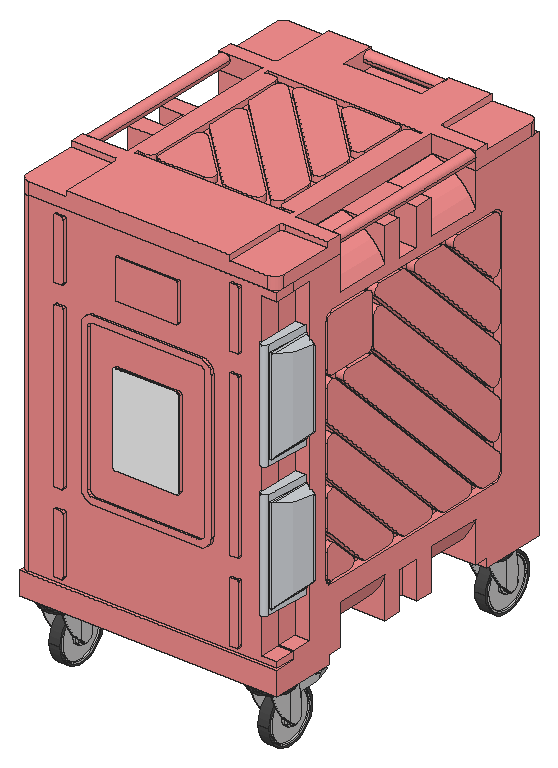
Revit family "QF_BOURGEAT_Conteneurs_Isothermes_Modèles_multi_standards_à_ouverture_Frontale", category Equipement spécialisé, Revit 2015 (continued)
Definition of nested family "ROULETTE"
  Forms (mm)
    Revolve 16, solid, not visible
      sketch origin (0, 0, 0) x (0, 1, 0) y (0, 0, 1)
        axis (0, 135.833) -> (0, 117.818)
      angle from 0 to 360
    Extrusion 17, solid, not visible
      sketch origin (0, 0, 0) x (0, 1, 0) y (0, 0, -1)
        loop
          line (-24.854, -115.199) -> (-24.854, -117.818) -> (18.247, -117.818) -> (18.247, -50.28) -> (15.456, -52.631) -> (0, -68.439)
          arc (0, -68.439) -> (-14.771, -90.573) -> (-24.854, -115.199) r 133.414
      from -24.913 to -23.038
    Extrusion 18, solid, not visible
      sketch origin (0, 0, 0) x (0, 1, 0) y (0, 0, 1)
        loop
          line (-24.854, 117.818) -> (-24.854, 116.875) -> (18.247, 116.875) -> (18.247, 117.818) -> (-24.854, 117.818)
      from -23.038 to 23.038
    Extrusion 19, solid, not visible
      sketch origin (0, 0, 0) x (0, 1, 0) y (0, 0, 1)
        loop
          circle (34.167, 52.083) r 47.917
        loop
          circle (34.167, 52.083) r 45.833
      from -12.5 to 12.5
    Extrusion 20, solid, not visible
      sketch origin (0, 0, 0) x (0, 1, 0) y (0, 0, 1)
        loop
          circle (34.167, 52.083) r 45.833
        loop
          circle (34.167, 52.083) r 17.5
      from -7 to 7
    Extrusion 21, solid, not visible
      sketch origin (0, 0, 0) x (0, 1, 0) y (0, 0, 1)
        loop
          circle (34.167, 52.083) r 17.5
      from -15 to 15
    Extrusion 22, solid, not visible
      sketch origin (0, 0, 0) x (0, 1, 0) y (0, 0, 1)
        loop
          circle (34.167, 52.083) r 12.5
      from -23.038 to -15
    Extrusion 23, solid, not visible
      sketch origin (0, 0, 0) x (0, 1, 0) y (0, 0, -1)
        loop
          circle (34.167, -52.083) r 12.5
      from -23.038 to -15
    Extrusion 24, solid, not visible
      sketch origin (0, 0, 0) x (0, 1, 0) y (0, 0, 1)
        loop
          arc (-24.854, 115.199) -> (-14.771, 90.573) -> (0, 68.439) r 133.414
          line (0, 68.439) -> (15.456, 52.631) -> (18.247, 50.28) -> (18.247, 117.818) -> (-24.854, 117.818) -> (-24.854, 115.199)
      from -24.913 to -23.038
    Extrusion 25, solid, visible <- "Sans frein", not visible
      sketch origin (0, 0, 0) x (0, 1, 0) y (0, 0, 1)
        loop
          arc (18.247, 50.28) -> (19.439, 49.316) -> (20.641, 48.365) r 133.34
          arc (20.641, 48.365) -> (24.325, 45.588) -> (28.103, 42.939) r 133.333
          arc (28.103, 42.939) -> (38.57, 42.018) -> (44.895, 50.409) r 10.833
          arc (44.895, 50.409) -> (45.499, 82.529) -> (38.403, 113.861) r 133.333
          arc (38.403, 113.861) -> (38.039, 115.243) -> (37.917, 116.667) r 8.333
          line (37.917, 116.667) -> (37.917, 117.818) -> (18.247, 117.818) -> (18.247, 50.28)
      from 23.038 to 24.913
    Extrusion 26, solid, visible <- "Sans frein", not visible
      sketch origin (0, 0, 0) x (0, 1, 0) y (0, 0, -1)
        loop
          line (18.247, -50.28) -> (18.247, -117.818) -> (37.917, -117.818) -> (37.917, -116.667)
          arc (37.917, -116.667) -> (38.039, -115.243) -> (38.403, -113.861) r 8.333
          arc (38.403, -113.861) -> (45.499, -82.529) -> (44.895, -50.409) r 133.333
          arc (44.895, -50.409) -> (38.57, -42.018) -> (28.103, -42.939) r 10.833
          arc (28.103, -42.939) -> (24.325, -45.588) -> (20.641, -48.365) r 133.333
          arc (20.641, -48.365) -> (19.439, -49.316) -> (18.247, -50.28) r 133.34
      from 23.038 to 24.913
    Extrusion 27, solid, visible <- "Sans frein", not visible
      sketch origin (0, 0, 0) x (0, 1, 0) y (0, 0, 1)
        loop
          line (18.247, 117.818) -> (18.247, 116.875) -> (37.917, 116.875) -> (37.917, 117.818) -> (18.247, 117.818)
      from -23.038 to 23.038
    Extrusion 28, solid, visible <- "Avec frein", not visible
      sketch origin (0, 0, 0) x (0, 1, 0) y (0, 0, 1)
        loop
          arc (18.247, 50.28) -> (19.439, 49.316) -> (20.641, 48.365) r 133.34
          arc (20.641, 48.365) -> (24.325, 45.588) -> (28.103, 42.939) r 133.333
          arc (28.103, 42.939) -> (38.57, 42.018) -> (44.895, 50.409) r 10.833
          arc (44.895, 50.409) -> (46.191, 68.96) -> (44.895, 87.51) r 133.333
          arc (44.895, 87.51) -> (46.675, 90.916) -> (50.346, 92.053) r 5
          arc (50.346, 92.053) -> (67.188, 91.603) -> (83.937, 93.422) r 125
          arc (83.937, 93.422) -> (87.006, 94.505) -> (89.566, 96.516) r 10
          line (89.566, 96.516) -> (92.375, 101.269) -> (92.894, 102.146)
          arc (92.894, 102.146) -> (72.773, 111.524) -> (51.484, 117.818) r 149.407
          line (51.484, 117.818) -> (18.247, 117.818) -> (18.247, 50.28)
      from 23.038 to 24.913
    Extrusion 29, solid, visible <- "Avec frein", not visible
      sketch origin (0, 0, 0) x (0, 1, 0) y (0, 0, 1)
        loop
          line (18.247, 117.818) -> (18.247, 116.918) -> (51.387, 116.918)
          arc (51.387, 116.918) -> (72.489, 110.669) -> (92.436, 101.371) r 148.507
          line (92.436, 101.371) -> (92.894, 102.146)
          arc (92.894, 102.146) -> (72.773, 111.524) -> (51.484, 117.818) r 149.407
          line (51.484, 117.818) -> (18.247, 117.818)
      from -23.038 to 23.038
    Extrusion 30, solid, visible <- "Avec frein", not visible
      sketch origin (0, 0, 0) x (0, 1, 0) y (0, 0, -1)
        loop
          line (18.247, -50.28) -> (18.247, -117.818) -> (51.484, -117.818)
          arc (51.484, -117.818) -> (72.773, -111.524) -> (92.894, -102.146) r 149.407
          line (92.894, -102.146) -> (92.375, -101.269) -> (89.566, -96.516)
          arc (89.566, -96.516) -> (87.006, -94.505) -> (83.937, -93.422) r 10
          arc (83.937, -93.422) -> (67.188, -91.603) -> (50.346, -92.053) r 125
          arc (50.346, -92.053) -> (46.675, -90.916) -> (44.895, -87.51) r 5
          arc (44.895, -87.51) -> (46.191, -68.96) -> (44.895, -50.409) r 133.333
          arc (44.895, -50.409) -> (38.57, -42.018) -> (28.103, -42.939) r 10.833
          arc (28.103, -42.939) -> (24.325, -45.588) -> (20.641, -48.365) r 133.333
          arc (20.641, -48.365) -> (19.439, -49.316) -> (18.247, -50.28) r 133.34
      from 23.038 to 24.913
    Extrusion 31, solid, visible <- "Avec frein", not visible
      sketch origin (0, 0, 0) x (0, 1, 0) y (0, 0, 1)
        loop
          line (92.988, 99.875) -> (89.934, 101.621) -> (87.583, 97.644) -> (93.104, 94.501)
          arc (93.104, 94.501) -> (94.747, 94.317) -> (96.006, 95.387) r 2.083
          arc (96.006, 95.387) -> (102.826, 98.48) -> (109.226, 102.367) r 62.499
          line (109.226, 102.367) -> (108.956, 103.42)
          arc (108.956, 103.42) -> (108.28, 104.384) -> (107.135, 104.66) r 1.667
          arc (107.135, 104.66) -> (101.536, 103.565) -> (96.139, 101.716) r 41.633
          arc (96.139, 101.716) -> (95.681, 101.427) -> (95.34, 101.007) r 1.667
          line (95.34, 101.007) -> (94.162, 98.947) -> (92.988, 99.875)
      from -23.038 to 23.038
    Extrusion 32, solid, not visible
      sketch origin (0, 0, 0) x (0, 1, 0) y (0, 0, -1)
        loop
          line (-29.974, -138.241) -> (-29.974, -142) -> (21.747, -142) -> (21.747, -60.336)
          arc (21.747, -60.336) -> (10.272, -70.702) -> (-0.149, -82.127) r 160.057
          arc (-0.149, -82.127) -> (-17.883, -108.684) -> (-29.974, -138.241) r 159.585
      from -24.913 to -23.038
    Extrusion 33, solid, not visible
      sketch origin (0, 0, 0) x (0, 1, 0) y (0, 0, 1)
        loop
          circle (40.851, 62.5) r 21
      from 7 to 15
    Extrusion 34, solid, not visible
      sketch origin (0, 0, 0) x (0, 1, 0) y (0, 0, -1)
        loop
          circle (40.851, -62.5) r 16
      from -23.038 to -15
    Extrusion 35, solid, visible <- "Sans frein", not visible
      sketch origin (0, 0, 0) x (0, 1, 0) y (0, 0, 1)
        loop
          arc (21.747, 60.336) -> (23.188, 59.17) -> (24.642, 58.02) r 161.23
          arc (24.642, 58.02) -> (29.34, 54.513) -> (34.187, 51.216) r 133.333
          arc (34.187, 51.216) -> (46.517, 50.3) -> (53.927, 60.198) r 12.867
          arc (53.927, 60.198) -> (54.714, 99.183) -> (46.119, 137.216) r 161.222
          arc (46.119, 137.216) -> (45.679, 138.887) -> (45.531, 140.609) r 10.076
          line (45.531, 140.609) -> (45.531, 142) -> (21.747, 142) -> (21.747, 60.336)
      from 23.038 to 24.913
    Extrusion 36, solid, visible <- "Avec frein", not visible
      sketch origin (0, 0, 0) x (0, 1, 0) y (0, 0, 1)
        loop
          line (21.747, 142) -> (21.747, 60.336)
          arc (21.747, 60.336) -> (23.177, 59.179) -> (24.62, 58.038) r 160.008
          arc (24.62, 58.038) -> (29.041, 54.705) -> (33.574, 51.527) r 160
          arc (33.574, 51.527) -> (46.135, 50.422) -> (53.724, 60.491) r 13
          arc (53.724, 60.491) -> (55.279, 82.092) -> (53.902, 103.704) r 160
          arc (53.902, 103.704) -> (55.53, 108.653) -> (60.415, 110.463) r 6
          arc (60.415, 110.463) -> (80.625, 109.924) -> (100.725, 112.107) r 150
          arc (100.725, 112.107) -> (104.408, 113.406) -> (107.479, 115.819) r 12
          line (107.479, 115.819) -> (110.851, 121.523)
          arc (110.851, 121.523) -> (85.913, 134.651) -> (58.706, 142) r 127.902
          line (58.706, 142) -> (21.747, 142)
      from 23.038 to 24.913
    Extrusion 37, solid
      sketch origin (0, 0, 0) x (0, -1, 0) y (0, 0, -1)
        loop
          arc (29.974, -138.241) -> (17.883, -108.684) -> (0.149, -82.127) r 159.585
          arc (0.149, -82.127) -> (-10.272, -70.702) -> (-21.747, -60.336) r 160.057
          line (-21.747, -60.336) -> (-21.747, -142) -> (29.974, -142) -> (29.974, -138.241)
      from -24.913 to -23.038
    Extrusion 38, solid
      sketch origin (0, 0, 0) x (0, -1, 0) y (0, 0, 1)
        loop
          circle (-40.851, 62.5) r 21
      from 7 to 15
    Extrusion 39, solid
      sketch origin (0, 0, 0) x (0, -1, 0) y (0, 0, -1)
        loop
          circle (-40.851, -62.5) r 16
      from -23.038 to -15
    Extrusion 40, solid, visible <- "Sans frein"
      sketch origin (0, 0, 0) x (0, -1, 0) y (0, 0, 1)
        loop
          line (-21.747, 60.336) -> (-21.747, 142) -> (-45.531, 142) -> (-45.531, 140.609)
          arc (-45.531, 140.609) -> (-45.679, 138.887) -> (-46.119, 137.216) r 10.076
          arc (-46.119, 137.216) -> (-54.714, 99.183) -> (-53.927, 60.198) r 161.222
          arc (-53.927, 60.198) -> (-46.517, 50.3) -> (-34.187, 51.216) r 12.867
          arc (-34.187, 51.216) -> (-29.34, 54.513) -> (-24.642, 58.02) r 133.333
          arc (-24.642, 58.02) -> (-23.188, 59.17) -> (-21.747, 60.336) r 161.23
      from 23.038 to 24.913
    Extrusion 41, solid, visible <- "Avec frein"
      sketch origin (0, 0, 0) x (0, -1, 0) y (0, 0, 1)
        loop
          line (-21.747, 142) -> (-58.706, 142)
          arc (-58.706, 142) -> (-85.913, 134.651) -> (-110.851, 121.523) r 127.902
          line (-110.851, 121.523) -> (-107.479, 115.819)
          arc (-107.479, 115.819) -> (-104.408, 113.406) -> (-100.725, 112.107) r 12
          arc (-100.725, 112.107) -> (-80.625, 109.924) -> (-60.415, 110.463) r 150
          arc (-60.415, 110.463) -> (-55.53, 108.653) -> (-53.902, 103.704) r 6
          arc (-53.902, 103.704) -> (-55.279, 82.092) -> (-53.724, 60.491) r 160
          arc (-53.724, 60.491) -> (-46.135, 50.422) -> (-33.574, 51.527) r 13
          arc (-33.574, 51.527) -> (-29.041, 54.705) -> (-24.62, 58.038) r 160
          arc (-24.62, 58.038) -> (-23.177, 59.179) -> (-21.747, 60.336) r 160.008
          line (-21.747, 60.336) -> (-21.747, 142)
      from 23.038 to 24.913
  Dimensions and locks
    aligned and locked: level to plane 2
Types (3, lengths in mm): name | Poids net à vide | Modèle | Hauteur hors tout | Conteneur haut | Capacité en plaques 600x400 | Capacité en bacs polycarbonate | Capacité en bacs inox
  (no name) | 43.00 kg | "822301" | 1032 | no | "12 ou 9" | "8 GN1/1 H65 mm ou 5 GN1/1 H100 mm + 1GN1/1 H 65 mm" | "9 GN1/1 H65 mm ou 6 GN1/1 H100 mm"
  1 module avec roulettes | 43.00 kg | "822301" | 1032 | no | "12 ou 9" | "8 GN1/1 H65 mm ou 5 GN1/1 H100 mm + 1GN1/1 H 65 mm" | "9 GN1/1 H65 mm ou 6 GN1/1 H100 mm"
  2 modules avec roulettes | 82.00 kg | "823105" | 1892 | yes | "2x12 ou 2x9" | "2x8 GN1/1 H65 mm ou 2x5 GN1/1 H100 mm + 2x1GN1/1 H 65 mm" | "2x9 GN1/1 H65 mm ou 2x6 GN1/1 H100 mm"
